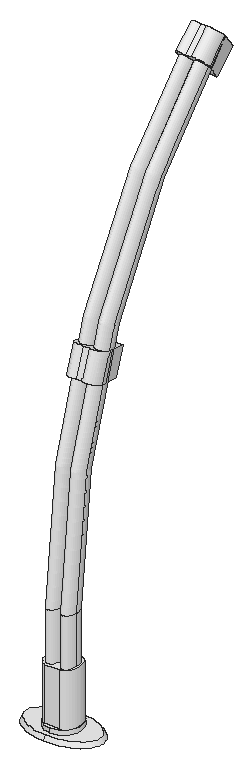
Revit family "LWplc_Latchwaysplc_BaluAndGuardSym_VersiRail_Fixed", category Railings, host Face, Revit 2013
Parameters (values of type "BalustradeAndGuardingSystem_VersiRailFixed_SlabAndParapetCurved_Latchwaysplc")
  WarrantyStartDate [instance] = "1900-12-31T23:59:59"
  WarrantyGuarantorParts = "n/a"
  WarrantyGuarantorLabor = "n/a"
  WarrantyDurationUnit = "year"
  WarrantyDurationParts = "n/a"
  WarrantyDurationLabor = "n/a"
  WarrantyDescription = "n/a"
  WallStraightUpright = no
  WallMountVis = no
  WallInclinedUpright = no
  WallCurvedUpright = no
  Version = "1"  # constant formula
  UprightLength = 1150 mm
  Uniclass2 = "Ss_25_15_60_05"
  URL = "www.latchways.com"
  Type Comments = "n/a"
  TagNumber [instance] = "n/a"
  SustainabilityPerformance = "n/a"
  Size = "186 x 440 x 1150 mm"
  Shape = "n/a"
  ServiceLifeDuration = "n/a"
  SerialNumber [instance] = "n/a"
  Revision = "n/a"
  ReplacementCost = "n/a"
  Reference = "n/a"
  RailMaterial = LWplc_Latchwaysplc_Aluminium_Polished
  ProductInformation = "www.latchways.com/BIM/Latchways_Parapet-SlabMounted_CurvedVersiRail_Datasheet.pdf"
  PostBaseGap = 0 mm
  ParapetStraightUpright = no
  PostHeight = 10 mm
  ParapetInclinedUpright = no
  NominalWidth = 186 mm
  NominalLength = 440 mm
  NominalHeight = 1150 mm
  Name = "BalustradeAndGuardingSystem_VersiRailFixed_SlabAndParapetCurved_Latchwaysplc"
  NBSReference = "25-25-10/110"
  NBSNote = "n/a"
  NBSDescription = "Balustrade and guarding system"
  ModelReference = "VersiRail - Slab And Parapet Mounted Curved Fixed assembly"
  ModelNumber = "22228-00+22044-00"
  Model = "22120-00+22044-00"
  Material = "Handrails & Uprights: Aluminium"
  ManufacturerURL = "www.latchways.com"
  ManufacturerName = "Latchways plc"
  Manufacturer = "info@latchways.com"
  Keynote = ""
  IsExternal = yes
  InstallationDate [instance] = "1900-12-31T23:59:59"
  IfcExportType = "IfcRailing"  # constant formula
  IfcExportAs = "GUARDRAIL"  # constant formula
  Height = 1150 mm
  Grade = "n/a"
  Finish = "n/a"
  Features = "n/a"
  ExpectedLife = "n/a"
  DurationUnit = "year"
  Diameter = 40 mm
  Description = "Latchways ManSafe VersiRail"
  Default Elevation = 1219.2 mm
  ParapetCurvedUpright = yes
  Constituents = "n/a"
  Color = "n/a"
  CodePerformance = "n/a"
  Category = "n/a"
  BracketMaterial = LWplc_Latchwaysplc_Aluminium_Polished
  BasePlateVis = yes
  BarCode [instance] = "n/a"
  BIMObjectName = "LWplc_Latchwaysplc_BalustradeAndGuardingSystem_VersiRailFixed_SlabAndParapetCurved"
  Author = "Latchways plc"  # constant formula
  AssetType = "Fixed"
  AssetIdentifier [instance] = "n/a"
  AccessibilityPerformance = "n/a"
Types (7, lengths in mm): name | WallStraightUpright | WallMountVis | WallInclinedUpright | WallCurvedUpright | Size | ProductInformation | ParapetStraightUpright | ParapetInclinedUpright | NominalWidth | NominalLength | Name | ModelReference | ModelNumber | Model | ParapetCurvedUpright | BasePlateVis | BIMObjectName
  (no name) | no | no | no | no | "186 x 440 x 1150 mm" | "www.latchways.com/BIM/Latchways_Parapet-SlabMounted_CurvedVersiRail_Datasheet.pdf" | no | no | 186 | 440 | "BalustradeAndGuardingSystem_VersiRailFixed_SlabAndParapetCurved_Latchwaysplc" | "VersiRail - Slab And Parapet Mounted Curved Fixed assembly" | "22228-00+22044-00" | "22120-00+22044-00" | yes | yes | "LWplc_Latchwaysplc_BalustradeAndGuardingSystem_VersiRailFixed_SlabAndParapetCurved"
  BalustradeAndGuardingSystem_VersiRailFixed_WallMountCurved_Latchwaysplc | no | yes | no | yes | "110 x 596 x 1150 mm" | "www.latchways.com/BIM/Latchways_WallMountedCurvedVersiRail_Datasheet.pdf" | no | no | 110 | 596 | "BalustradeAndGuardingSystem_VersiRailFixed_WallMountCurved_Latchwaysplc" | "VersiRail - Wall Mounted Curved Fixed assembly" | "22228-00+22042-00" | "22228-00+22042-00" | no | no | "LWplc_Latchwaysplc_BalustradeAndGuardingSystem_VersiRailFixed_WallMountCurved"
  BalustradeAndGuardingSystem_VersiRailFixed_WallMountInclined_Latchwaysplc | no | yes | yes | no | "110 x 450 x 1150 mm" | "www.latchways.com/BIM/Latchways_WallMountedInclinedVersiRail_Datasheet.pdf" | no | no | 110 | 450 | "BalustradeAndGuardingSystem_VersiRailFixed_WallMountInclined_Latchwaysplc" | "VersiRail - Wall Mounted Inclined Fixed assembly" | "22120-00+22042-00" | "22228-00+22042-00" | no | no | "LWplc_Latchwaysplc_BalustradeAndGuardingSystem_VersiRailFixed_WallMountInclined"
  BalustradeAndGuardingSystem_VersiRailFixed_WallMountStraight_Latchwaysplc | yes | yes | no | no | "110 x 120 x 1150 mm" | "www.latchways.com/BIM/Latchways_WallMountedStraightVersiRail_Datasheet.pdf" | no | no | 110 | 120 | "BalustradeAndGuardingSystem_VersiRailFixed_WallMountStraight_Latchwaysplc" | "VersiRail - Wall Mounted Straight Fixed assembly" | "22028-00+22042-00" | "22028-00+22042-00" | no | no | "LWplc_Latchwaysplc_BalustradeAndGuardingSystem_VersiRailFixed_WallMountStraight"
  BalustradeAndGuardingSystem_VersiRailFixed_SlabAndParapetStraight_Latchwaysplc | no | no | no | no | "186 x 120 x 1150 mm" | "www.latchways.com/BIM/Latchways_Parapet-SlabMounted_StraightVersiRail_Datasheet.pdf" | yes | no | 186 | 120 | "BalustradeAndGuardingSystem_VersiRailFixed_SlabAndParapetStraight_Latchwaysplc" | "VersiRail - Slab And Parapet Mounted Straight Fixed assembly" | "22028-00+22044-00" | "22028-00+22044-00" | no | yes | "LWplc_Latchwaysplc_BalustradeAndGuardingSystem_VersiRailFixed_SlabAndParapetStraight"
  BalustradeAndGuardingSystem_VersiRailFixed_SlabAndParapetInclined_Latchwaysplc | no | no | no | no | "186 x 325 x 1150 mm" | "www.latchways.com/BIM/Latchways_Parapet-SlabMounted_InclinedVersiRail_Datasheet.pdf" | no | yes | 186 | 325 | "BalustradeAndGuardingSystem_VersiRailFixed_SlabAndParapetInclined_Latchwaysplc" | "VersiRail - Slab And Parapet Mounted Inclined Fixed assembly" | "22120-00+22044-00" | "22120-00+22044-00" | no | yes | "LWplc_Latchwaysplc_BalustradeAndGuardingSystem_VersiRailFixed_SlabAndParapetInclined"
  BalustradeAndGuardingSystem_VersiRailFixed_SlabAndParapetCurved_Latchwaysplc | no | no | no | no | "186 x 440 x 1150 mm" | "www.latchways.com/BIM/Latchways_Parapet-SlabMounted_CurvedVersiRail_Datasheet.pdf" | no | no | 186 | 440 | "BalustradeAndGuardingSystem_VersiRailFixed_SlabAndParapetCurved_Latchwaysplc" | "VersiRail - Slab And Parapet Mounted Curved Fixed assembly" | "22228-00+22044-00" | "22120-00+22044-00" | yes | yes | "LWplc_Latchwaysplc_BalustradeAndGuardingSystem_VersiRailFixed_SlabAndParapetCurved"
Reference planes
  plane 1 "Center (Front/Back)": y = 0
  plane 2: z = 0
  plane 3 "Center (Left/Right)": x = 0
  plane 4: y = -47.5
Dimensions and locks
  aligned and locked: plane 2 to host face
  aligned and locked: level to host face
Nested families
  nested 1: "LWplc_VersiRail_WallBracket" at (0, 0, 0), visible <- "WallMountVis", type "LWplc_VersiRail_WallBracket"
  nested 2: "LWplc_VersiRail_StraightUpright" at (-0.423, 47.5, 119.768) x (1, 0, 0) z (0, 1, 0), visible <- "WallStraightUpright", PostBaseGap <- "PostBaseGap", type "LWplc_VersiRail_StraightUpright"
    with PostBaseGap 0 mm
  nested 3: "LWplc_VersiRail_InclinedUpright" at (0.53, 47.5, 73.632) x (-1, 0, 0) z (0, 1, 0), visible <- "WallInclinedUpright", PostBaseGap <- "PostBaseGap", type "LWplc_VersiRail_InclinedUpright"
  nested 4: "LWplc_VersiRail_CurvedUpright" at (-0.065, 47.5, 95.368) x (-1, 0, 0) z (0, 1, 0), visible <- "WallCurvedUpright", PostBaseGap <- "PostBaseGap", type "LWplc_VersiRail_CurvedUpright"
    with PostBaseGap 0 mm
  nested 5: "LWplc_VersiRail_FixedBase" at (0, 0, 0) x (0, 1, 0) z (0, 0, 1), visible <- "BasePlateVis", type "LWplc_VersiRail_FixedBase"
  nested 6: "LWplc_VersiRail_StraightUpright" at (0.247, 20.997, 146) x (-1, 0, 0) z (0, 0, 1), visible <- "ParapetStraightUpright", PostBaseGap <- "PostBaseGap", type "LWplc_VersiRail_StraightUpright"
    with PostBaseGap 0 mm
  nested 7: "LWplc_VersiRail_InclinedUpright" at (-0.625, -25.125, 146), visible <- "ParapetInclinedUpright", PostBaseGap <- "PostBaseGap", type "LWplc_VersiRail_InclinedUpright"
  nested 8: "LWplc_VersiRail_CurvedUpright" at (0.403, -3.548, 146), visible <- "ParapetCurvedUpright", PostBaseGap <- "PostBaseGap", type "LWplc_VersiRail_CurvedUpright"
    with PostBaseGap 0 mm
Definition of nested family "LWplc_VersiRail_WallBracket"
  Parameters (values of type "LWplc_VersiRail_WallBracket")
    RailMaterial = LWplc_Latchwaysplc_Aluminium_Polished
    Default Elevation = 0 mm
  Reference planes
    plane 1 "Center (Front/Back)": y = 0
    plane 2: z = 0
    plane 3 "Center (Left/Right)": x = 0
  Forms (mm)
    Extrusion 1, solid
      sketch origin (0, 0, 0) x (1, 0, 0) y (0, 1, 0)
        loop
          line (-1219.2, 1219.2) -> (-1219.2, -1219.2) -> (1219.2, -1219.2) -> (1219.2, 1219.2) -> (-1219.2, 1219.2)
      from 0 to -304.8
    Extrusion 2, solid, material "LWplc_Latchwaysplc_Aluminium_Polished" <- "RailMaterial"
      sketch origin (0, 197.5, 0) x (1, 0, 0) y (0, 0, 1)
        loop
          line (0, 0) -> (55, 0) -> (55, 24) -> (22, 24) -> (22, 69)
          spline (22, 69) -> (26.394, 70.311) -> (30.353, 73.554) -> (33.606, 78.507) -> (35.932, 84.832) -> (37.172, 92.099) -> (37.241, 99.813) -> (36.136, 107.447) -> (33.932, 114.482) -> (30.777, 120.438) -> (26.889, 124.909) -> (22.531, 127.591) -> (18, 128.3)
          line (18, 128.3) -> (0, 128.3) -> (-18, 128.3)
          spline (-18, 128.3) -> (-22.531, 127.591) -> (-26.889, 124.909) -> (-30.777, 120.438) -> (-33.932, 114.482) -> (-36.136, 107.447) -> (-37.241, 99.813) -> (-37.172, 92.099) -> (-35.932, 84.832) -> (-33.606, 78.507) -> (-30.353, 73.554) -> (-26.394, 70.311) -> (-22, 69)
          line (-22, 69) -> (-22, 24) -> (-55, 24) -> (-55, 0) -> (0, 0)
      from 150 to 245
  Lines and regions (mm)
    model lines, detail levels fine
      curve 1: spline (-50.136, 0, 24) -> (-49.88, 3.882, 24) -> (-49.131, 7.5, 24) -> (-47.939, 10.607, 24) -> (-46.386, 12.99, 24) -> (-44.577, 14.489, 24) -> (-42.636, 15, 24) -> (-40.694, 14.489, 24) -> (-38.886, 12.99, 24) -> (-37.332, 10.607, 24) -> (-36.14, 7.5, 24) -> (-35.391, 3.882, 24) -> (-35.136, 0, 24)
      curve 2: spline (-35.136, 0, 24) -> (-35.391, -3.882, 24) -> (-36.14, -7.5, 24) -> (-37.332, -10.607, 24) -> (-38.886, -12.99, 24) -> (-40.694, -14.489, 24) -> (-42.636, -15, 24) -> (-44.577, -14.489, 24) -> (-46.386, -12.99, 24) -> (-47.939, -10.607, 24) -> (-49.131, -7.5, 24) -> (-49.88, -3.882, 24) -> (-50.136, 0, 24)
      curve 3: spline (50.136, 0, 24) -> (49.88, 3.882, 24) -> (49.131, 7.5, 24) -> (47.939, 10.607, 24) -> (46.386, 12.99, 24) -> (44.577, 14.489, 24) -> (42.636, 15, 24) -> (40.694, 14.489, 24) -> (38.886, 12.99, 24) -> (37.332, 10.607, 24) -> (36.14, 7.5, 24) -> (35.391, 3.882, 24) -> (35.136, 0, 24)
      curve 4: spline (35.136, 0, 24) -> (35.391, -3.882, 24) -> (36.14, -7.5, 24) -> (37.332, -10.607, 24) -> (38.886, -12.99, 24) -> (40.694, -14.489, 24) -> (42.636, -15, 24) -> (44.577, -14.489, 24) -> (46.386, -12.99, 24) -> (47.939, -10.607, 24) -> (49.131, -7.5, 24) -> (49.88, -3.882, 24) -> (50.136, 0, 24)
  Dimensions and locks
    aligned and locked: plane 2 to Extrusion 1
    aligned and locked: level to Extrusion 1
Definition of nested family "LWplc_VersiRail_StraightUpright"
  Parameters (values of type "LWplc_VersiRail_StraightUpright")
    RailMaterial = LWplc_Latchwaysplc_Aluminium_Polished
    PostBaseGap [instance] = 10 mm
    Heightof Post = 1150 mm
    Default Elevation = 1219.2 mm
  Reference planes
    plane 1 "Center (Front/Back)": y = 0
    plane 2: z = 0
    plane 3 "Center (Left/Right)": x = 0
    plane 4: z = 10
    plane 5: z = 1160
    plane 6: z = 1095
    plane 7: z = 655
    plane 8: z = 590
    plane 9: z = 1050
    plane 10: z = 622.5
    plane 11: y = -26.25
    plane 12: z = 1127.5
  Forms (mm)
    Extrusion 1, solid
      sketch origin (0, 0, 0) x (1, 0, 0) y (0, 1, 0)
        loop
          line (-1219.2, 1219.2) -> (-1219.2, -1219.2) -> (1219.2, -1219.2) -> (1219.2, 1219.2) -> (-1219.2, 1219.2)
      from 0 to -304.8
    Extrusion 2, solid, material "LWplc_Latchwaysplc_Aluminium_Polished" <- "RailMaterial", detail levels medium+fine
      sketch origin (0, 108.1, 590) x (1, 0, 0) y (0, 1, 0)
        loop
          line (0, -160) -> (15, -160) -> (36.16, -90.929)
          spline (36.16, -90.929) -> (36.327, -85.309) -> (35.805, -79.744) -> (34.612, -74.442) -> (32.795, -69.604) -> (30.42, -65.412) -> (27.579, -62.024) -> (24.376, -59.566) -> (20.934, -58.132) -> (17.382, -57.775) -> (13.852, -58.509) -> (10.479, -60.307) -> (7.389, -63.1)
          line (7.389, -63.1) -> (-7.389, -63.1)
          spline (-7.389, -63.1) -> (-10.479, -60.307) -> (-13.852, -58.509) -> (-17.382, -57.775) -> (-20.934, -58.132) -> (-24.376, -59.566) -> (-27.579, -62.024) -> (-30.42, -65.412) -> (-32.795, -69.604) -> (-34.612, -74.442) -> (-35.805, -79.744) -> (-36.327, -85.309) -> (-36.16, -90.929)
          line (-36.16, -90.929) -> (-15, -160) -> (0, -160)
      from 0 to 65
    Extrusion 3, solid, material "LWplc_Latchwaysplc_Aluminium_Polished" <- "RailMaterial"
      sketch origin (0, -2.821, 0) x (1, 0, 0) y (0, 1, 0)
        loop
          spline (-32.35, 24.159) -> (-31.861, 17.688) -> (-30.428, 11.659) -> (-28.147, 6.481) -> (-25.175, 2.508) -> (-21.714, 0.011) -> (-18, -0.841) -> (-14.286, 0.011) -> (-10.825, 2.508) -> (-7.853, 6.481) -> (-5.573, 11.659) -> (-4.139, 17.688) -> (-3.65, 24.159)
          spline (-3.65, 24.159) -> (-4.139, 30.629) -> (-5.573, 36.659) -> (-7.853, 41.837) -> (-10.825, 45.81) -> (-14.286, 48.307) -> (-18, 49.159) -> (-21.714, 48.307) -> (-25.175, 45.81) -> (-28.147, 41.837) -> (-30.428, 36.659) -> (-31.861, 30.629) -> (-32.35, 24.159)
        loop
          spline (32.35, 24.159) -> (31.861, 30.629) -> (30.428, 36.659) -> (28.147, 41.837) -> (25.175, 45.81) -> (21.714, 48.307) -> (18, 49.159) -> (14.286, 48.307) -> (10.825, 45.81) -> (7.853, 41.837) -> (5.573, 36.659) -> (4.139, 30.629) -> (3.65, 24.159)
          spline (3.65, 24.159) -> (4.139, 17.688) -> (5.573, 11.659) -> (7.853, 6.481) -> (10.825, 2.508) -> (14.286, 0.011) -> (18, -0.841) -> (21.714, 0.011) -> (25.175, 2.508) -> (28.147, 6.481) -> (30.428, 11.659) -> (31.861, 17.688) -> (32.35, 24.159)
      from 10 to 1160
    Extrusion 4, solid, material "LWplc_Latchwaysplc_Aluminium_Polished" <- "RailMaterial", detail levels medium+fine
      sketch origin (0, 108.1, 1090) x (1, 0, 0) y (0, 1, 0)
        loop
          line (0, -160) -> (15, -160) -> (36.16, -90.929)
          spline (36.16, -90.929) -> (36.327, -85.309) -> (35.805, -79.744) -> (34.612, -74.442) -> (32.795, -69.604) -> (30.42, -65.412) -> (27.579, -62.024) -> (24.376, -59.566) -> (20.934, -58.132) -> (17.382, -57.775) -> (13.852, -58.509) -> (10.479, -60.307) -> (7.389, -63.1)
          line (7.389, -63.1) -> (-7.389, -63.1)
          spline (-7.389, -63.1) -> (-10.479, -60.307) -> (-13.852, -58.509) -> (-17.382, -57.775) -> (-20.934, -58.132) -> (-24.376, -59.566) -> (-27.579, -62.024) -> (-30.42, -65.412) -> (-32.795, -69.604) -> (-34.612, -74.442) -> (-35.805, -79.744) -> (-36.327, -85.309) -> (-36.16, -90.929)
          line (-36.16, -90.929) -> (-15, -160) -> (0, -160)
      from 5 to 70
  Lines and regions (mm)
    model lines, detail levels coarse
      curve 1: circle (0, -26.25, 622.5) r 20 normal (1, 0, 0)
      curve 2: circle (0, -26.25, 1127.5) r 20 normal (1, 0, 0)
  Dimensions and locks
    locked: plane 7 to plane 8 at 65
    "Heightof Post": plane 5 to plane 4
    locked: plane 5 to plane 6 at 65
    "PostBaseGap": plane 4 to plane 2
    locked: plane 10 to plane 7 at 32.5
    locked: plane 1 "Center (Front/Back)" to plane 11 at 26.25
    locked: plane 5 to plane 12 at 32.5
    aligned and locked: plane 2 to Extrusion 1
    aligned and locked: level to Extrusion 1
    aligned and locked: Extrusion 3 to plane 4
    aligned and locked: plane 5 to Extrusion 3
    aligned and locked: plane 7 to Extrusion 2
    aligned and locked: Extrusion 2 to plane 8
    aligned and locked: Extrusion 4 to Extrusion 3
    aligned and locked: Extrusion 4 to plane 6
    aligned and locked: plane 5 to Extrusion 4
    aligned and locked: plane 10 to curve 1
    aligned and locked: plane 11 to curve 1
    aligned and locked: plane 12 to curve 2
    aligned and locked: plane 11 to curve 2
  Automatic sketch dimensions
    Extrusion 1 sketch curve to Extrusion 1 sketch curve = 2438.4 mm  (x2)
    Extrusion 2 sketch curve to plane 3 "Center (Left/Right)" = 0 mm
    plane 11 to Extrusion 2 sketch curve = 25.65 mm
    Extrusion 2 sketch curve to plane 3 "Center (Left/Right)" = 7.389 mm
    Extrusion 2 sketch curve to plane 3 "Center (Left/Right)" = 15 mm
    Extrusion 2 sketch curve to plane 3 "Center (Left/Right)" = 36.16 mm
    plane 3 "Center (Left/Right)" to Extrusion 2 sketch curve = 7.389 mm
    Extrusion 2 sketch curve to Extrusion 2 sketch curve = 15 mm
    plane 3 "Center (Left/Right)" to Extrusion 2 sketch curve = 36.16 mm
    Extrusion 2 sketch curve to plane 3 "Center (Left/Right)" = 18 mm
    Extrusion 2 sketch curve to plane 3 "Center (Left/Right)" = 0.35 mm
    plane 3 "Center (Left/Right)" to Extrusion 2 sketch curve = 0.35 mm
    Extrusion 2 sketch curve to Extrusion 2 sketch curve = 17.65 mm
    Extrusion 2 sketch curve to plane 1 "Center (Front/Back)" = 17.171 mm  (x2)
    Extrusion 2 sketch curve to Extrusion 2 sketch curve = 27.829 mm
    Extrusion 3 sketch curve to plane 3 "Center (Left/Right)" = 32.35 mm
    Extrusion 3 sketch curve to Extrusion 3 sketch curve = 14.35 mm  (x2)
    plane 3 "Center (Left/Right)" to Extrusion 3 sketch curve = 3.65 mm
    Extrusion 3 sketch curve to plane 1 "Center (Front/Back)" = 21.338 mm  (x2)
    Extrusion 4 sketch curve to plane 3 "Center (Left/Right)" = 0 mm
    plane 11 to Extrusion 4 sketch curve = 25.65 mm
    Extrusion 4 sketch curve to plane 3 "Center (Left/Right)" = 7.389 mm
    Extrusion 4 sketch curve to plane 3 "Center (Left/Right)" = 15 mm
    Extrusion 4 sketch curve to plane 3 "Center (Left/Right)" = 36.16 mm
    plane 3 "Center (Left/Right)" to Extrusion 4 sketch curve = 7.389 mm
    Extrusion 4 sketch curve to Extrusion 4 sketch curve = 15 mm
    plane 3 "Center (Left/Right)" to Extrusion 4 sketch curve = 36.16 mm
    Extrusion 4 sketch curve to plane 3 "Center (Left/Right)" = 18 mm
    Extrusion 4 sketch curve to plane 3 "Center (Left/Right)" = 0.35 mm
    plane 3 "Center (Left/Right)" to Extrusion 4 sketch curve = 0.35 mm
    Extrusion 4 sketch curve to Extrusion 4 sketch curve = 17.65 mm
    Extrusion 4 sketch curve to plane 1 "Center (Front/Back)" = 17.171 mm  (x2)
    Extrusion 4 sketch curve to Extrusion 4 sketch curve = 27.829 mm
    radius of curve 1 = 20 mm
    radius of curve 2 = 20 mm
Definition of nested family "LWplc_VersiRail_InclinedUpright"
  Parameters (values of type "LWplc_Latchwaysplc_VersiRail_InclinedUpright")
    RailMaterial = LWplc_Latchwaysplc_Aluminium_Polished
    PostExtention = Heightof Post - 640 mm  # 510 mm
    PostBaseGap [instance] = 0 mm
    Heightof Post = 1150 mm
    Default Elevation = 1150 mm
  Reference planes
    plane 1 "Center (Front/Back)": y = 0
    plane 2: z = 0
    plane 3 "Center (Left/Right)": x = 0
    plane 4: z = 0
  Forms (mm)
    Extrusion 1, solid
      sketch origin (0, 0, 0) x (1, 0, 0) y (0, 1, 0)
        loop
          line (-1219.2, 1219.2) -> (-1219.2, -1219.2) -> (1219.2, -1219.2) -> (1219.2, 1219.2) -> (-1219.2, 1219.2)
      from 0 to -304.8
    Sweep 2, solid, material "LWplc_Latchwaysplc_Aluminium_Polished" <- "RailMaterial"
      path origin (0.683, 0.704, 0) x (0, 1, 0) y (0, 0, 1)
        loop
          line (0, 0) -> (0, 114)
          arc (0, 114) -> (25.09, 386.969) -> (99.52, 650.791) r 1497.436
          line (99.52, 650.791) -> (307.434, 1116.486)
      profile origin (0.683, 0.704, 57) x (0, -1, 0) y (1, 0, 0)
        loop
          spline (-24.159, -32.35) -> (-17.688, -31.861) -> (-11.659, -30.428) -> (-6.481, -28.147) -> (-2.508, -25.175) -> (-0.011, -21.714) -> (0.841, -18) -> (-0.011, -14.286) -> (-2.508, -10.825) -> (-6.481, -7.853) -> (-11.659, -5.573) -> (-17.688, -4.139) -> (-24.159, -3.65)
          spline (-24.159, -3.65) -> (-30.629, -4.139) -> (-36.659, -5.573) -> (-41.837, -7.853) -> (-45.81, -10.825) -> (-48.307, -14.286) -> (-49.159, -18) -> (-48.307, -21.714) -> (-45.81, -25.175) -> (-41.837, -28.147) -> (-36.659, -30.428) -> (-30.629, -31.861) -> (-24.159, -32.35)
        loop
          spline (-24.159, 32.35) -> (-30.629, 31.861) -> (-36.659, 30.428) -> (-41.837, 28.147) -> (-45.81, 25.175) -> (-48.307, 21.714) -> (-49.159, 18) -> (-48.307, 14.286) -> (-45.81, 10.825) -> (-41.837, 7.853) -> (-36.659, 5.573) -> (-30.629, 4.139) -> (-24.159, 3.65)
          spline (-24.159, 3.65) -> (-17.688, 4.139) -> (-11.659, 5.573) -> (-6.481, 7.853) -> (-2.508, 10.825) -> (-0.011, 14.286) -> (0.841, 18) -> (-0.011, 21.714) -> (-2.508, 25.175) -> (-6.481, 28.147) -> (-11.659, 30.428) -> (-17.688, 31.861) -> (-24.159, 32.35)
    Extrusion 3, solid, material "LWplc_Latchwaysplc_Aluminium_Polished" <- "RailMaterial", detail levels medium+fine
      sketch origin (0.683, 12.313, 602.504) x (1, 0, 0) y (0, 0.945519, -0.325568)
        loop
          line (0, 160) -> (-15, 160) -> (-36.16, 90.929)
          spline (-36.16, 90.929) -> (-36.327, 85.309) -> (-35.805, 79.744) -> (-34.612, 74.442) -> (-32.795, 69.604) -> (-30.42, 65.412) -> (-27.579, 62.024) -> (-24.376, 59.566) -> (-20.934, 58.132) -> (-17.382, 57.775) -> (-13.852, 58.509) -> (-10.479, 60.307) -> (-7.389, 63.1)
          line (-7.389, 63.1) -> (7.389, 63.1)
          spline (7.389, 63.1) -> (10.479, 60.307) -> (13.852, 58.509) -> (17.382, 57.775) -> (20.934, 58.132) -> (24.376, 59.566) -> (27.579, 62.024) -> (30.42, 65.412) -> (32.795, 69.604) -> (34.612, 74.442) -> (35.805, 79.744) -> (36.327, 85.309) -> (36.16, 90.929)
          line (36.16, 90.929) -> (15, 160) -> (0, 160)
      from 0 to 65
    Extrusion 4, solid, material "LWplc_Latchwaysplc_Aluminium_Polished" <- "RailMaterial", detail levels medium+fine
      sketch origin (-6.967, 323.906, 1109.446) x (1, 0, 0) y (0, 0.913127, -0.407676)
        loop
          line (7.262, 78.799) -> (-7.738, 78.799) -> (-28.898, 9.729)
          spline (-28.898, 9.729) -> (-29.066, 4.109) -> (-28.543, -1.457) -> (-27.351, -6.758) -> (-25.533, -11.596) -> (-23.159, -15.788) -> (-20.317, -19.177) -> (-17.115, -21.634) -> (-13.673, -23.069) -> (-10.12, -23.425) -> (-6.591, -22.691) -> (-3.217, -20.894) -> (-0.127, -18.101)
          line (-0.127, -18.101) -> (14.65, -18.101)
          spline (14.65, -18.101) -> (17.741, -20.894) -> (21.114, -22.691) -> (24.643, -23.425) -> (28.196, -23.069) -> (31.638, -21.634) -> (34.84, -19.177) -> (37.682, -15.788) -> (40.056, -11.596) -> (41.874, -6.758) -> (43.066, -1.457) -> (43.589, 4.109) -> (43.421, 9.729)
          line (43.421, 9.729) -> (22.262, 78.799) -> (7.262, 78.799)
      from 0 to -65
  Lines and regions (mm)
    model lines, detail levels coarse
      curve 1: circle (0, 361.015, 1057.805) r 20 normal (1, 0, 0)
      curve 2: circle (0, 153.399, 588.391) r 20 normal (1, 0, 0)
  Dimensions and locks
    "PostExtention": Sweep 2 sketch curve to Sweep 2 sketch curve
    locked: Extrusion 4 to curve 1 at 32.027
    locked: Extrusion 4 to curve 1 at 23.861
    locked: Extrusion 3 to curve 2 at 22.006
    locked: Extrusion 3 to curve 2 at 32.588
    "PostBaseGap": plane 4 to level
    locked: Sweep 2 sketch curve to level (angle 65.9411°)
    aligned and locked: plane 2 to Extrusion 1
    aligned and locked: level to Extrusion 1
  Automatic sketch dimensions
    Extrusion 1 sketch curve to Extrusion 1 sketch curve = 2438.4 mm  (x2)
    profile plane to Sweep 2 sketch curve = 24.159 mm
    Sweep 2 sketch curve to Sweep 2 sketch curve = 0 mm
    Sweep 2 sketch curve to profile plane = 32.35 mm
    Sweep 2 sketch curve to Sweep 2 sketch curve = 14.35 mm  (x2)
    profile plane to Sweep 2 sketch curve = 3.65 mm
    Extrusion 3 sketch curve to plane 3 "Center (Left/Right)" = 35.477 mm
    plane 3 "Center (Left/Right)" to Extrusion 3 sketch curve = 8.072 mm
    Extrusion 3 sketch curve to plane 3 "Center (Left/Right)" = 6.706 mm
    plane 3 "Center (Left/Right)" to Extrusion 3 sketch curve = 36.843 mm
    Extrusion 3 sketch curve to plane 3 "Center (Left/Right)" = 14.317 mm
    plane 3 "Center (Left/Right)" to Extrusion 3 sketch curve = 15.683 mm
    plane 3 "Center (Left/Right)" to Extrusion 3 sketch curve = 0.683 mm
    Extrusion 3 sketch curve to plane 3 "Center (Left/Right)" = 17.317 mm
    plane 3 "Center (Left/Right)" to Extrusion 3 sketch curve = 0.333 mm
    Extrusion 3 sketch curve to Extrusion 3 sketch curve = 0.7 mm
    Extrusion 3 sketch curve to Extrusion 3 sketch curve = 17.65 mm
    Extrusion 3 sketch curve to Extrusion 3 sketch curve = 27.829 mm
    Extrusion 3 sketch curve to Extrusion 3 sketch curve = 4.167 mm
    Extrusion 3 sketch curve to Extrusion 3 sketch curve = 69.071 mm
    Extrusion 4 sketch curve to Extrusion 4 sketch curve = 21.16 mm
    Extrusion 4 sketch curve to Extrusion 4 sketch curve = 28.771 mm  (x2)
    Extrusion 4 sketch curve to Extrusion 4 sketch curve = 15 mm  (x2)
    Extrusion 4 sketch curve to Extrusion 4 sketch curve = 14.778 mm
    Extrusion 4 sketch curve to Extrusion 4 sketch curve = 18.16 mm
    Extrusion 4 sketch curve to Extrusion 4 sketch curve = 17.65 mm  (x2)
    Extrusion 4 sketch curve to Extrusion 4 sketch curve = 0.7 mm
    Extrusion 4 sketch curve to Extrusion 4 sketch curve = 27.829 mm
    Extrusion 4 sketch curve to Extrusion 4 sketch curve = 4.167 mm
    Extrusion 4 sketch curve to Extrusion 4 sketch curve = 69.071 mm
    Sweep 2 sketch curve to plane 1 "Center (Front/Back)" = 0.704 mm
    level to Sweep 2 sketch curve = 114 mm
    Sweep 2 sketch curve to level = 0 mm
    Sweep 2 sketch curve to plane 1 "Center (Front/Back)" = 100.224 mm
    Sweep 2 sketch curve to Sweep 2 sketch curve = 1497.436 mm
    radius of curve 1 = 20 mm
    radius of curve 2 = 20 mm
Definition of nested family "LWplc_VersiRail_CurvedUpright"
  Parameters (values of type "LWplc_VersiRail_CurvedUpright")
    RailMaterial = LWplc_Latchwaysplc_Aluminium_Polished
    RadiusofPost = Heightof Post + 344 mm  # 1494 mm
    PostBaseGap [instance] = 10 mm
    Heightof Post = 1150 mm
    Default Elevation = 1219.2 mm
  Reference planes
    plane 1 "Center (Front/Back)": y = 0
    plane 2: z = 0
    plane 3 "Center (Left/Right)": x = 0
    plane 4: z = 10
  Forms (mm)
    Extrusion 1, solid
      sketch origin (0, 0, 0) x (1, 0, 0) y (0, 1, 0)
        loop
          line (-1219.2, 1219.2) -> (-1219.2, -1219.2) -> (1219.2, -1219.2) -> (1219.2, 1219.2) -> (-1219.2, 1219.2)
      from 0 to -304.8
    Sweep 2, solid, material "LWplc_Latchwaysplc_Aluminium_Polished" <- "RailMaterial"
      path origin (-0.149, -45.183, 0) x (0, 1, 0) y (0, 0, 1)
        loop
          line (24.159, 10) -> (24.159, 125)
          arc (24.159, 125) -> (139.38, 700.33) -> (467.271, 1186.918) r 1494
      profile origin (-0.149, -21.024, 67.5) x (0, -1, 0) y (1, 0, 0)
        loop
          spline (-24.159, -32.35) -> (-17.688, -31.861) -> (-11.659, -30.428) -> (-6.481, -28.147) -> (-2.508, -25.175) -> (-0.011, -21.714) -> (0.841, -18) -> (-0.011, -14.286) -> (-2.508, -10.825) -> (-6.481, -7.853) -> (-11.659, -5.573) -> (-17.688, -4.139) -> (-24.159, -3.65)
          spline (-24.159, -3.65) -> (-30.629, -4.139) -> (-36.659, -5.573) -> (-41.837, -7.853) -> (-45.81, -10.825) -> (-48.307, -14.286) -> (-49.159, -18) -> (-48.307, -21.714) -> (-45.81, -25.175) -> (-41.837, -28.147) -> (-36.659, -30.428) -> (-30.629, -31.861) -> (-24.159, -32.35)
        loop
          spline (-24.159, 32.35) -> (-30.629, 31.861) -> (-36.659, 30.428) -> (-41.837, 28.147) -> (-45.81, 25.175) -> (-48.307, 21.714) -> (-49.159, 18) -> (-48.307, 14.286) -> (-45.81, 10.825) -> (-41.837, 7.853) -> (-36.659, 5.573) -> (-30.629, 4.139) -> (-24.159, 3.65)
          spline (-24.159, 3.65) -> (-17.688, 4.139) -> (-11.659, 5.573) -> (-6.481, 7.853) -> (-2.508, 10.825) -> (-0.011, 14.286) -> (0.841, 18) -> (-0.011, 21.714) -> (-2.508, 25.175) -> (-6.481, 28.147) -> (-11.659, 30.428) -> (-17.688, 31.861) -> (-24.159, 32.35)
    Extrusion 3, solid, material "LWplc_Latchwaysplc_Aluminium_Polished" <- "RailMaterial", detail levels medium+fine
      sketch origin (-0.149, -10.449, 602.504) x (1, 0, 0) y (0, 0.945519, -0.325568)
        loop
          line (0, 160) -> (-15, 160) -> (-36.16, 90.929)
          spline (-36.16, 90.929) -> (-36.327, 85.309) -> (-35.805, 79.744) -> (-34.612, 74.442) -> (-32.795, 69.604) -> (-30.42, 65.412) -> (-27.579, 62.024) -> (-24.376, 59.566) -> (-20.934, 58.132) -> (-17.382, 57.775) -> (-13.852, 58.509) -> (-10.479, 60.307) -> (-7.389, 63.1)
          line (-7.389, 63.1) -> (7.389, 63.1)
          spline (7.389, 63.1) -> (10.479, 60.307) -> (13.852, 58.509) -> (17.382, 57.775) -> (20.934, 58.132) -> (24.376, 59.566) -> (27.579, 62.024) -> (30.42, 65.412) -> (32.795, 69.604) -> (34.612, 74.442) -> (35.805, 79.744) -> (36.327, 85.309) -> (36.16, 90.929)
          line (36.16, 90.929) -> (15, 160) -> (0, 160)
      from 0 to 65
    Extrusion 4, solid, material "LWplc_Latchwaysplc_Aluminium_Polished" <- "RailMaterial", detail levels medium+fine
      sketch origin (-0.149, 349.822, 1259.942) x (1, 0, 0) y (0, 0.703406, -0.710788)
        loop
          line (0, 198.932) -> (-15, 198.932) -> (-36.16, 129.861)
          spline (-36.16, 129.861) -> (-36.327, 124.241) -> (-35.805, 118.676) -> (-34.612, 113.374) -> (-32.795, 108.536) -> (-30.42, 104.344) -> (-27.579, 100.956) -> (-24.376, 98.498) -> (-20.934, 97.064) -> (-17.382, 96.707) -> (-13.852, 97.442) -> (-10.479, 99.239) -> (-7.389, 102.032)
          line (-7.389, 102.032) -> (7.389, 102.032)
          spline (7.389, 102.032) -> (10.479, 99.239) -> (13.852, 97.442) -> (17.382, 96.707) -> (20.934, 97.064) -> (24.376, 98.498) -> (27.579, 100.956) -> (30.42, 104.344) -> (32.795, 108.536) -> (34.612, 113.374) -> (35.805, 118.676) -> (36.327, 124.241) -> (36.16, 129.861)
          line (36.16, 129.861) -> (15, 198.932) -> (0, 198.932)
      from -65 to 0
  Lines and regions (mm)
    model lines, detail levels coarse
      curve 1: circle (0, 449.976, 1112.31) r 20 normal (1, 0, 0)
      curve 2: circle (0, 128.651, 588.374) r 20 normal (1, 0, 0)
  Dimensions and locks
    locked: Extrusion 4 to Extrusion 4 at 65
    "PostBaseGap": plane 4 to plane 2
    locked: Extrusion 4 to curve 1 at 23.548
    locked: Extrusion 4 to curve 1 at 32.343
    locked: Extrusion 3 to curve 2 at 23.878
    locked: Extrusion 3 to curve 2 at 31.926
    "RadiusofPost": radius of Sweep 2 sketch curve
    locked: Sweep 2 sketch curve to Sweep 2 sketch curve (angle 45.2991°)
    aligned and locked: plane 2 to Extrusion 1
    aligned and locked: level to Extrusion 1
    aligned and locked: Extrusion 4 to Sweep 2
    aligned and locked: plane 4 to Sweep 2 sketch curve
  Automatic sketch dimensions
    Extrusion 1 sketch curve to Extrusion 1 sketch curve = 2438.4 mm  (x2)
    plane 1 "Center (Front/Back)" to Sweep 2 sketch curve = 21.024 mm
    plane 4 to Sweep 2 sketch curve = 115 mm
    profile plane to Sweep 2 sketch curve = 24.159 mm
    Sweep 2 sketch curve to Sweep 2 sketch curve = 0 mm
    Sweep 2 sketch curve to profile plane = 32.35 mm
    Sweep 2 sketch curve to Sweep 2 sketch curve = 14.35 mm  (x2)
    profile plane to Sweep 2 sketch curve = 3.65 mm
    Extrusion 3 sketch curve to plane 3 "Center (Left/Right)" = 36.309 mm
    plane 3 "Center (Left/Right)" to Extrusion 3 sketch curve = 7.24 mm
    Extrusion 3 sketch curve to plane 3 "Center (Left/Right)" = 7.538 mm
    plane 3 "Center (Left/Right)" to Extrusion 3 sketch curve = 36.011 mm
    Extrusion 3 sketch curve to plane 3 "Center (Left/Right)" = 15.149 mm
    plane 3 "Center (Left/Right)" to Extrusion 3 sketch curve = 14.851 mm
    Extrusion 3 sketch curve to plane 3 "Center (Left/Right)" = 0.149 mm
    Extrusion 3 sketch curve to plane 3 "Center (Left/Right)" = 18.149 mm
    Extrusion 3 sketch curve to plane 3 "Center (Left/Right)" = 0.499 mm
    plane 3 "Center (Left/Right)" to Extrusion 3 sketch curve = 0.201 mm
    Extrusion 3 sketch curve to Extrusion 3 sketch curve = 17.65 mm
    Extrusion 3 sketch curve to Extrusion 3 sketch curve = 27.829 mm
    Extrusion 3 sketch curve to Extrusion 3 sketch curve = 4.167 mm
    Extrusion 3 sketch curve to Extrusion 3 sketch curve = 69.071 mm
    Extrusion 4 sketch curve to Extrusion 4 sketch curve = 21.16 mm
    Extrusion 4 sketch curve to Extrusion 4 sketch curve = 28.771 mm  (x2)
    Extrusion 4 sketch curve to Extrusion 4 sketch curve = 15 mm  (x2)
    Extrusion 4 sketch curve to Extrusion 4 sketch curve = 14.778 mm
    Extrusion 4 sketch curve to Extrusion 4 sketch curve = 18.16 mm
    Extrusion 4 sketch curve to Extrusion 4 sketch curve = 17.65 mm  (x2)
    Extrusion 4 sketch curve to Extrusion 4 sketch curve = 0.7 mm
    Extrusion 4 sketch curve to Extrusion 4 sketch curve = 27.829 mm
    Extrusion 4 sketch curve to Extrusion 4 sketch curve = 4.167 mm
    Extrusion 4 sketch curve to Extrusion 4 sketch curve = 69.071 mm
    radius of curve 1 = 20 mm
    radius of curve 2 = 20 mm
Definition of nested family "LWplc_VersiRail_FixedBase"
  Parameters (values of type "LWplc_VersiRail_FixedBase")
    RailMaterial = LWplc_Latchwaysplc_Aluminium_Polished
    PostHeight = 10 mm
    Default Elevation = 1219.2 mm
  Reference planes
    plane 1 "Center (Front/Back)": y = 0
    plane 2: z = 0
    plane 3 "Center (Left/Right)": x = 0
    plane 4: y = 18
    plane 5: y = -18
    plane 6: x = -32
    plane 7: x = 32
    plane 8: y = 38
    plane 9: y = -38
    plane 10: z = 10
    plane 11: y = 73
    plane 12: y = -73
  Forms (mm)
    Extrusion 1, solid
      sketch origin (0, 0, 0) x (1, 0, 0) y (0, 1, 0)
        loop
          line (-1219.2, 1219.2) -> (-1219.2, -1219.2) -> (1219.2, -1219.2) -> (1219.2, 1219.2) -> (-1219.2, 1219.2)
      from 0 to -304.8
    Blend 2, solid, material "LWplc_Latchwaysplc_Aluminium_Polished" <- "RailMaterial"
      base sketch origin (-38, 0, 0) x (1, 0, 0) y (0, 1, 0)
        loop
          spline (-20, 0) -> (-18.024, -24.07) -> (-12.229, -46.5) -> (-3.012, -65.761) -> (9, -80.54) -> (22.988, -89.831) -> (38, -93) -> (53.012, -89.831) -> (67, -80.54) -> (79.012, -65.761) -> (88.229, -46.5) -> (94.024, -24.07) -> (96, 0)
          spline (96, 0) -> (94.024, 24.07) -> (88.229, 46.5) -> (79.012, 65.761) -> (67, 80.54) -> (53.012, 89.831) -> (38, 93) -> (22.988, 89.831) -> (9, 80.54) -> (-3.012, 65.761) -> (-12.229, 46.5) -> (-18.024, 24.07) -> (-20, 0)
      top sketch origin (-38, 0, 0) x (1, 0, 0) y (0, 1, 0)
        loop
          spline (91, 0) -> (89.091, 23.246) -> (83.523, 44.804) -> (74.767, 63.113) -> (63.603, 76.871) -> (51.043, 85.228) -> (38, 88.014) -> (24.957, 85.228) -> (12.397, 76.871) -> (1.233, 63.113) -> (-7.523, 44.804) -> (-13.091, 23.246) -> (-15, 0)
          spline (-15, 0) -> (-13.091, -23.246) -> (-7.523, -44.804) -> (1.233, -63.113) -> (12.397, -76.871) -> (24.957, -85.228) -> (38, -88.014) -> (51.043, -85.228) -> (63.603, -76.871) -> (74.767, -63.113) -> (83.523, -44.804) -> (89.091, -23.246) -> (91, 0)
      from 0 to 10
    Extrusion 3, solid, material "LWplc_Latchwaysplc_Aluminium_Polished" <- "RailMaterial"
      sketch origin (-38, 0, 10) x (1, 0, 0) y (0, 1, 0)
        loop
          circle (38, 0) r 41
      from 0 to 10 <- "PostHeight"
    Extrusion 4, solid, material "LWplc_Latchwaysplc_Aluminium_Polished" <- "RailMaterial"
      sketch origin (-38, 0, 20) x (1, 0, 0) y (0, 1, 0)
        loop
          line (6, 18) -> (6, -18)
          spline (6, -18) -> (7.09, -23.176) -> (10.287, -28) -> (15.373, -32.142) -> (22, -35.321) -> (29.718, -37.319) -> (38, -38) -> (46.282, -37.319) -> (54, -35.321) -> (60.627, -32.142) -> (65.713, -28) -> (68.91, -23.176) -> (70, -18)
          line (70, -18) -> (70, 18)
          spline (70, 18) -> (68.91, 23.176) -> (65.713, 28) -> (60.627, 32.142) -> (54, 35.321) -> (46.282, 37.319) -> (38, 38) -> (29.718, 37.319) -> (22, 35.321) -> (15.373, 32.142) -> (10.287, 28) -> (7.09, 23.176) -> (6, 18)
      from 0 to 126
  Lines and regions (mm)
    model lines, detail levels fine
      curve 1: circle (0, 73, 10) r 7 normal (0, 0, 1)
      curve 2: circle (0, -73, 10) r 7 normal (0, 0, 1)
  Dimensions and locks
    aligned and locked: plane 2 to Extrusion 1
    aligned and locked: level to Extrusion 1
    aligned and locked: Extrusion 4 to Extrusion 3
